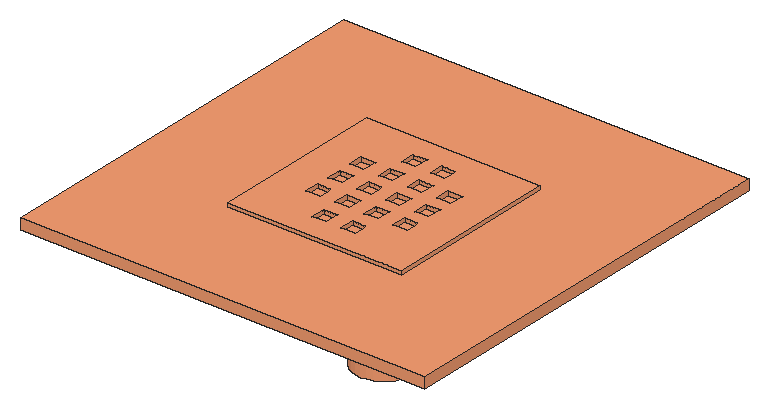
Revit family "Drain_Floor-Jay R.Smith-Square-Type-DX2005-DX2010_Series", category Plumbing Fixtures, Revit 2019
Family settings
  Round Connector Dimension = Use Radius
  Part Type = Normal
  OmniClass Number = 23.70.50.21.24
  OmniClass Title = Waste Water Drains
  Work Plane-Based = Yes
  Always vertical = Yes
  Cut with Voids When Loaded = No
  Shared = No
  Room Calculation Point = No
Parameters (values of type "DX 2005Y 02")
  Width = 14"  # constant formula
  Waste Connection = yes
  Vent Connection = no
  URL = "http://www.jrsmith.com"
  U - Vandal Proof Screw = no
  Type Comments = "Square Top"  # constant formula
  Trap Primer Connection -P050   1/2" (13) & -P075 3/4" (19) = no
  T - Threaded Outlet = no
  Strainer Width 6" = yes
  Strainer Width 5" = not([Strainer Width 6"])  # no
  Strainer Width = if([Strainer Width 5"], 5", 6")  # 6"
  SS - Stainless Steel Strainers = no
  SH - Securing Holes = no
  Quad Close Trap Seal = no
  Product Documentation Link = "https://www.jrsmith.com/uploads/fileLibrary/ddx2005.pdf"
  PB - Polished Bronze Strainer = no
  Outlet Connection Description = "2\" No-HUB Outlet Connection"
  NB - Nickel Bronze Strainer = no
  Model = "DX 2005Y 02"
  Material = "Cast Iron-Jay R Smith-Duco Coated"
  Manufacturer = "Jay R. Smith "  # constant formula
  Load Rating = "'Light Duty having a Safe Live (Static) Load less than 2,000 lbs. (900 kg) per ASME A112.6.3 Floor Drain Standard."  # constant formula
  LXH - Speedi-Set Extra Heavy = no
  L - Speedi-Set Service Weight = no
  Height = Adjustable Height Constraint + 4"  # 5 1/4"
  HW Connection = no
  G - Galvanized Cast Iron Body = no
  Finish = Cast Iron-Jay R Smith-Duco Coated
  Description = "FLOOR OR SHOWER DRAINS WITH ADJUSTABLE STRAINER HEADS"  # constant formula
  Default Elevation = 0"
  Creation Date = "06/27/2023"  # constant formula
  Connection Size = 2"
  Connection Radius = Connection Size / 2  # 1"
  CW Connection = no
  B - Sediment Bucket = no
  Assembly Code = "D2030300"
  Adjustable Height Constraint = if(Adjustable Height < 1 1/4", 1 1/4", if(Adjustable Height > 2", 2", Adjustable Height))  # 1 1/4"
  Adjustable Height = 1 1/4"
Types (6): name | Outlet Connection Description | Model | Connection Size | Connection Radius
  DX 2005Y 02 | "2\" No-HUB Outlet Connection" | "DX 2005Y 02" | 2" | 1"
  DX 2005Y 03 | "3\" No-HUB Outlet Connection" | "DX 2005Y 03" | 3" | 1 1/2"
  DX 2005Y 04 | "4\" No-HUB Outlet Connection" | "DX 2005Y 04" | 4" | 2"
  DX 2010C 02 | "2\" Caulk Connection" | "DX 2010C 02" | 2" | 1"
  DX 2010C 03 | "3\" Caulk Outlet Connection" | "DX 2010C 03" | 3" | 1 1/2"
  DX 2010C 04 | "4\" Caulk Outlet Connection" | "DX 2010C 04" | 4" | 2"
Reference planes (in)
  plane 1 "Center (Front/Back)": y = 0
  plane 2: z = 0
  plane 3 "Center (Left/Right)": x = -0.54782
  plane 4: x = -7.04782
  plane 5: x = 5.95218
  plane 6: x = -3.04782
  plane 7: x = 1.95218
  plane 8: z = -1.25
  plane 9: z = -5.25
  plane 10: x = -5.04782
  plane 11: x = 3.95218
  plane 12: x = -3.92282
  plane 13: x = 2.82718
  plane 14: y = 7
  plane 15: y = -7
  plane 16: x = -7.54782
  plane 17: x = 6.45218
  plane 18: x = -3.54782
  plane 19: x = 2.45218
  plane 20: y = 3
  plane 21: y = -3
Forms (in)
  Revolve 1, solid, material "Cast Iron-Jay R Smith-Duco Coated" <- "Finish"
    sketch origin (0, 0, 0) x (1, 0, 0) y (0, 0, 1)
      loop
        line (-0.54782, -3.43685) -> (1.45218, -3.43685) -> (2.20091, -3.00457) -> (2.45091, -2.57156) -> (2.82718, -2.57156) -> (2.82718, -2.01695) -> (3.18578, -2.01695) -> (3.95218, -1.5) -> (3.95218, -1.25) -> (1.79531, -1.25) -> (1.79531, -1.125) -> (1.29531, -1.125) -> (1.29531, -0.81315) -> (2.12969, -0.50946) -> (5.95218, -0.50946) -> (5.95218, -0.13663) -> (1.95218, -0.13663) -> (1.95218, 0) -> (-0.54782, 0) -> (-0.54782, -3.43685)
      axis (-0.54782, 0) -> (-0.54782, -3.43685)
    angle from 0 to 360
  Revolve 2, solid, material "Cast Iron-Jay R Smith-Duco Coated" <- "Finish"
    sketch origin (0, 0, 0) x (1, 0, 0) y (0, 0, 1)
      loop
        line (-0.54782, -2.01695) -> (-0.54782, -5.25) -> (0.45218, -5.25) -> (0.45218, -2.01695) -> (-0.54782, -2.01695)
      axis (-0.54782, -2.01695) -> (-0.54782, -5.25)
    angle from 0 to 360
  Extrusion 3, void
    sketch origin (0, 0, 0) x (1, 0, 0) y (0, 1, 0)
      loop
        line (-1.29782, 2.19171) -> (-1.29782, 1.69171) -> (-0.79782, 1.69171) -> (-0.79782, 2.19171) -> (-1.29782, 2.19171)
      loop
        line (0.20218, 2.19171) -> (-0.29782, 2.19171) -> (-0.29782, 1.69171) -> (0.20218, 1.69171) -> (0.20218, 2.19171)
      loop
        line (-1.29782, 1.19171) -> (-1.29782, 0.69171) -> (-0.79782, 0.69171) -> (-0.79782, 1.19171) -> (-1.29782, 1.19171)
      loop
        line (0.20218, 1.19171) -> (-0.29782, 1.19171) -> (-0.29782, 0.69171) -> (0.20218, 0.69171) -> (0.20218, 1.19171)
      loop
        line (-2.29782, 1.19171) -> (-2.29782, 0.69171) -> (-1.79782, 0.69171) -> (-1.79782, 1.19171) -> (-2.29782, 1.19171)
      loop
        line (-1.29782, 0.25) -> (-1.29782, -0.25) -> (-0.79782, -0.25) -> (-0.79782, 0.25) -> (-1.29782, 0.25)
      loop
        line (-2.29782, 0.25) -> (-2.29782, -0.25) -> (-1.79782, -0.25) -> (-1.79782, 0.25) -> (-2.29782, 0.25)
      loop
        line (0.20218, 0.25) -> (-0.29782, 0.25) -> (-0.29782, -0.25) -> (0.20218, -0.25) -> (0.20218, 0.25)
      loop
        line (1.20218, 0.25) -> (0.70218, 0.25) -> (0.70218, -0.25) -> (1.20218, -0.25) -> (1.20218, 0.25)
      loop
        line (1.20218, 1.19171) -> (0.70218, 1.19171) -> (0.70218, 0.69171) -> (1.20218, 0.69171) -> (1.20218, 1.19171)
      loop
        line (-1.29782, -2.19171) -> (-0.79782, -2.19171) -> (-0.79782, -1.69171) -> (-1.29782, -1.69171) -> (-1.29782, -2.19171)
      loop
        line (0.20218, -2.19171) -> (0.20218, -1.69171) -> (-0.29782, -1.69171) -> (-0.29782, -2.19171) -> (0.20218, -2.19171)
      loop
        line (-1.29782, -1.19171) -> (-0.79782, -1.19171) -> (-0.79782, -0.69171) -> (-1.29782, -0.69171) -> (-1.29782, -1.19171)
      loop
        line (0.20218, -1.19171) -> (0.20218, -0.69171) -> (-0.29782, -0.69171) -> (-0.29782, -1.19171) -> (0.20218, -1.19171)
      loop
        line (-2.29782, -1.19171) -> (-1.79782, -1.19171) -> (-1.79782, -0.69171) -> (-2.29782, -0.69171) -> (-2.29782, -1.19171)
      loop
        line (1.20218, -1.19171) -> (1.20218, -0.69171) -> (0.70218, -0.69171) -> (0.70218, -1.19171) -> (1.20218, -1.19171)
    from -0.13663 to 0
  Extrusion 4, solid, material "Cast Iron-Jay R Smith-Duco Coated" <- "Finish"
    sketch origin (0, 0, 0) x (1, 0, 0) y (0, 1, 0)
      loop
        line (-7.54782, 7) -> (-7.54782, -7) -> (6.45218, -7) -> (6.45218, 7) -> (-7.54782, 7)
    from -0.50946 to -0.13663
  Extrusion 5, solid, material "Cast Iron-Jay R Smith-Duco Coated" <- "Finish"
    sketch origin (0, 0, 0) x (1, 0, 0) y (0, 1, 0)
      loop
        line (-3.54782, -3) -> (2.45218, -3) -> (2.45218, 3) -> (-3.54782, 3) -> (-3.54782, -3)
    from -0.13663 to 0
Cuts and joins
  Extrusion 3 cuts Revolve 1
  Extrusion 3 cuts Extrusion 5
  joined: Revolve 1, Extrusion 4, Extrusion 5
Dimensions and locks (in)
  equal spacing: plane 5, plane 3 "Center (Left/Right)", plane 4
  plane 5 to plane 4 = 13"
  plane 7 to plane 6 = 5"
  plane 7 to plane 5 = 4"
  plane 6 to plane 4 = 4"
  "Adjustable Height Constraint": level to plane 8
  locked: plane 8 to plane 9 at 4
  equal spacing: plane 11, plane 3 "Center (Left/Right)", plane 10
  plane 11 to plane 10 = 9"
  equal spacing: plane 13, plane 3 "Center (Left/Right)", plane 12
  plane 13 to plane 12 = 6 3/4"
  Revolve 1 sketch curve to Revolve 1 sketch curve to Revolve 1 sketch curve to Revolve 1 sketch curve to Revolve 1 sketch curve to Revolve 1 sketch curve to Revolve 1 sketch curve = 1/8" locked, 1/4" locked, 0.51695" locked, 0.55461" locked, 0.43301" locked, 0.43228" locked
  "Connection Radius": Revolve 2 sketch curve to Revolve 2 sketch curve
  Revolve 1 sketch curve to Revolve 1 sketch curve to Revolve 1 sketch curve to Revolve 1 sketch curve = 0.13663" locked, 0.37283" locked, 0.30369" locked
  equal spacing: plane 15, plane 1 "Center (Front/Back)", plane 14
  "Width": plane 14 to plane 15
  equal spacing: plane 16, plane 3 "Center (Left/Right)", plane 17
  "Width": plane 16 to plane 17
  equal spacing: plane 18, plane 3 "Center (Left/Right)", plane 19
  "Strainer Width": plane 18 to plane 19
  equal spacing: plane 21, plane 1 "Center (Front/Back)", plane 20
  "Strainer Width": plane 20 to plane 21
  aligned and locked: Revolve 1 sketch curve to plane 3 "Center (Left/Right)"
  aligned and locked: Revolve 1 sketch curve to plane 7
  aligned and locked: Revolve 1 sketch curve to plane 5
  aligned and locked: level to Revolve 1 sketch curve
  aligned and locked: plane 13 to Revolve 1 sketch curve
  aligned and locked: Revolve 1 sketch curve to plane 11
  aligned and locked: Revolve 2 sketch curve to plane 3 "Center (Left/Right)"
  aligned and locked: Revolve 2 sketch curve to Revolve 1
  aligned and locked: plane 9 to Revolve 2 sketch curve
  aligned and locked: plane 3 "Center (Left/Right)" to Revolve 2 sketch curve
  aligned and locked: Extrusion 3 to Revolve 1
  aligned and locked: Revolve 1 to Extrusion 3
  aligned and locked: Extrusion 4 sketch curve to plane 14
  aligned and locked: plane 16 to Extrusion 4 sketch curve
  aligned and locked: Extrusion 4 sketch curve to plane 15
  aligned and locked: plane 17 to Extrusion 4 sketch curve
  aligned and locked: Extrusion 4 to cut or joined group of Revolve 1, Extrusion 3, Extrusion 4, Extrusion 5  (x2)
  aligned and locked: plane 20 to Extrusion 5 sketch curve
  aligned and locked: plane 21 to Extrusion 5 sketch curve
  aligned and locked: Extrusion 5 sketch curve to plane 19
  aligned and locked: Extrusion 5 sketch curve to plane 18
  aligned and locked: Extrusion 5 to cut or joined group of Revolve 1, Extrusion 3, Extrusion 4, Extrusion 5
  aligned and locked: level to Extrusion 5
  aligned and locked: plane 8 to Revolve 1 sketch curve
Automatic sketch dimensions
  plane 6 to Extrusion 3 sketch curve = 3/4"  (x2)
  Extrusion 3 sketch curve to Extrusion 3 sketch curve = 0"  (x12)
  Extrusion 3 sketch curve to Extrusion 3 sketch curve = 1/2"  (x26)
  Extrusion 3 sketch curve to plane 3 "Center (Left/Right)" = 3/4"
  Extrusion 3 sketch curve to plane 3 "Center (Left/Right)" = 1/4"  (x5)
  plane 3 "Center (Left/Right)" to Extrusion 3 sketch curve = 1/4"  (x5)
  plane 1 "Center (Front/Back)" to Extrusion 3 sketch curve = 2.19171"
  plane 1 "Center (Front/Back)" to Extrusion 3 sketch curve = 1/4"  (x4)
  Extrusion 3 sketch curve to plane 1 "Center (Front/Back)" = 1/4"  (x4)
  Extrusion 3 sketch curve to Extrusion 3 sketch curve = 0.44171"  (x4)
  Revolve 1 sketch curve to plane 3 "Center (Left/Right)" = 0"
  plane 7 to Revolve 1 sketch curve = 0.65688"
  plane 7 to Revolve 1 sketch curve = 1/2"
  plane 7 to Revolve 1 sketch curve = 0.15688"
  Revolve 1 sketch curve to plane 7 = 0.17751"
  Revolve 1 sketch curve to plane 7 = 0.24872"
  plane 19 to Revolve 1 sketch curve = 0.00128"
  Revolve 1 sketch curve to plane 13 = 0.35859"
  Revolve 1 sketch curve to plane 9 = 13 3/4"
  Revolve 1 sketch curve to Revolve 1 sketch curve = 1 3/4"
  Revolve 2 sketch curve to plane 9 = 1"
  level to Revolve 2 sketch curve = 1 3/4"
Connectors (in)
  piping at (-0.54782, 0, -5.25), diameter 2, driven by "Connection Radius", driven by "Outlet Connection Description"
    settings: on Revolve 2, index 1, connector inside diameter 24", connector length 0", flow factor 0, pipe flow 0 GPM, pressure drop 0.00 psi, fitting loss kfactor 0, connector angle 0.00°, fixture units 0, engagement length 0", angle of deflection 0.00°, flow configuration 0, flow direction 2, fitting loss method 0, system type 16, joint type 0, gender type 0, connector reference index -1, connector utility 0, adjustable connector no, is connector primary yes, connector description "2\" No-HUB Outlet Connection"
